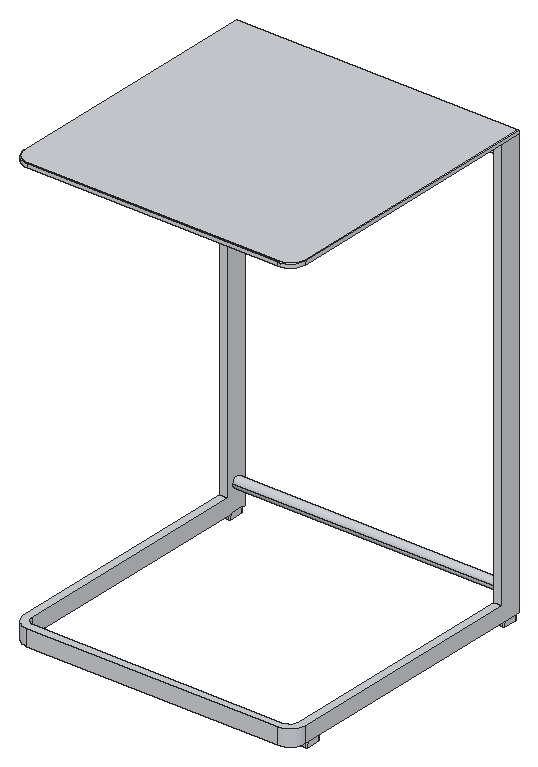
Revit family "Keilhauer_Pact_Mid Table_77410", category Furniture, Revit 2017
Family settings
  OmniClass Number = 23.40.70.14.64.11
  OmniClass Title = Office Furniture
  Work Plane-Based = No
  Always vertical = Yes
  Cut with Voids When Loaded = No
  Shared = No
  Room Calculation Point = No
Parameters (values of type "Mid Table Metal top")
  Type = 1
  Steel Top = Type = 1  # yes
  Laminate Top = Type = 2  # no
  Base [instance] = none
  Glides [instance] = none
  URL = "http://www.keilhauer.com/"
  Product Documentation Link = "http://www.keilhauer.com/"
  Model = "77410"
  Manufacturer = "Keilhauer, Corp."  # constant formula
  Description = "Medium nesting table with metal top"
  Copyright © = "© 2021 Keilhauer, Corp."  # constant formula
  Catalog = "Pact"  # constant formula
  Table Top [instance] = none
  Authoring Version = "Autodesk Revit 2015"  # constant formula
  Assembly Code = "E2020200"
Types (2): name | Type | Steel Top | Laminate Top | Model | Description
  Mid Table Laminate top | 2 | no | yes | "77411" | "Medium nesting table with laminate top"
  Mid Table Metal top | 1 | yes | no | "77410" | "Medium nesting table with metal top"
Reference planes (in)
  plane 1 "Center (Front/Back)": y = 0
  plane 2: z = 0
  plane 3 "Center (Left/Right)": x = 0
  plane 4 "Top": z = 20.813
  plane 5 "Base": z = 0.25
  plane 6: x = 6.56697
  plane 7: x = -6.56697
Forms (in)
  Extrusion 1, solid, material <- "Table Top", visible <- "Steel Top"
    sketch origin (0, 0, 20.813) x (0, 1, 0) y (-1, 0, 0)
      loop
        line (6.53846, 6.75596) -> (-6.21353, 6.75596)
        arc (-6.21353, 6.75596) -> (-6.74386, 6.53629) -> (-6.96353, 6.00596) r 0.75
        line (-6.96353, 6.00596) -> (-6.96353, -6.00596)
        arc (-6.96353, -6.00596) -> (-6.74386, -6.53629) -> (-6.21353, -6.75596) r 0.75
        line (-6.21353, -6.75596) -> (6.53846, -6.75596) -> (6.53846, 6.75596)
    from 0 to 0.1575
  Blend 2, solid, material <- "Table Top", visible <- "Steel Top"
    base sketch origin (0, 0, 20.813) x (0, 1, 0) y (-1, 0, 0)
      loop
        line (6.53846, 6.75596) -> (-6.21353, 6.75596)
        arc (-6.21353, 6.75596) -> (-6.74386, 6.53629) -> (-6.96353, 6.00596) r 0.75
        line (-6.96353, 6.00596) -> (-6.96353, -6.00596)
        arc (-6.96353, -6.00596) -> (-6.74386, -6.53629) -> (-6.21353, -6.75596) r 0.75
        line (-6.21353, -6.75596) -> (6.53846, -6.75596) -> (6.53846, 6.75596)
    top sketch origin (0, 0, 20.813) x (0, 1, 0) y (-1, 0, 0)
      loop
        line (6.50846, 6.72596) -> (-6.21154, 6.72596)
        arc (-6.21154, 6.72596) -> (-6.72066, 6.51508) -> (-6.93154, 6.00596) r 0.72
        line (-6.93154, 6.00596) -> (-6.93154, -6.00596)
        arc (-6.93154, -6.00596) -> (-6.72066, -6.51508) -> (-6.21154, -6.72596) r 0.72
        line (-6.21154, -6.72596) -> (6.50846, -6.72596) -> (6.50846, 6.72596)
    from 0.1575 to 0.1875
  Extrusion 3, solid, material <- "Base"
    sketch origin (6.56697, 5.53647, 47.24409) x (0, -1, 0) y (0, 0, 1)
      loop
        line (-0.6875, -27.18109) -> (-0.3125, -27.18109) -> (-0.3125, -26.43109) -> (-0.6875, -26.43109) -> (-0.6875, -27.18109)
      loop
        circle (-0.5, -45.7439) r 0.25
    from 0 to 13.13394
  Extrusion 4, solid, material <- "Base"
    sketch origin (-10.25149, -60, 0.25) x (-1, 0, 0) y (0, -1, 0)
      loop
        line (-3.49553, -66.53647) -> (-3.49553, -65.53647) -> (-3.86904, -65.53647) -> (-3.86904, -66.53647) -> (-3.49553, -66.53647)
      loop
        line (-16.63096, -66.53647) -> (-16.63096, -65.53647) -> (-17.00745, -65.53647) -> (-17.00745, -66.53647) -> (-16.63096, -66.53647)
    from 0 to 20.563
  Sweep 5, solid, material <- "Base"
    path origin (0, 0, 20.813) x (0, 1, 0) y (-1, 0, 0)
      loop
        line (6.01233, 4.38245) -> (-2.28103, 4.38245)
        arc (-2.28103, 4.38245) -> (-2.81136, 4.16278) -> (-3.03103, 3.63245) r 0.75
        line (-3.03103, 3.63245) -> (-3.03103, -3.63245)
        arc (-3.03103, -3.63245) -> (-2.81136, -4.16278) -> (-2.28103, -4.38245) r 0.75
        line (-2.28103, -4.38245) -> (6.01233, -4.38245)
    profile origin (-4.38245, 1.86565, 20.813) x (1, 0, 0) y (0, 0, 1)
      loop
        line (0.375, -0.75) -> (0.375, 0) -> (0, 0) -> (0, -0.75) -> (0.375, -0.75)
  Sweep 6, solid, material <- "Base"
    path origin (-10.25149, -60.824, 0.25) x (-1, 0, 0) y (0, -1, 0)
      loop
        line (-16.63394, -66.86029) -> (-16.63394, -54.60547)
        arc (-16.63394, -54.60547) -> (-16.52557, -54.34384) -> (-16.26394, -54.23547) r 0.37
        line (-16.26394, -54.23547) -> (-4.23904, -54.23547)
        arc (-4.23904, -54.23547) -> (-3.97741, -54.34384) -> (-3.86904, -54.60547) r 0.37
        line (-3.86904, -54.60547) -> (-3.86904, -66.86029)
    profile origin (-6.38245, -0.09112, 0.25) x (-1, 0, 0) y (0, 0, 1)
      loop
        line (0, 0.75) -> (0, 0) -> (0.375, 0) -> (0.375, 0.75) -> (0, 0.75)
  Extrusion 7, solid, material <- "Glides"
    sketch origin (0, 0, 0) x (1, 0, 0) y (0, 1, 0)
      loop
        arc (-6.69596, 6.41022) -> (-6.73839, 6.39265) -> (-6.75596, 6.35022) r 0.06
        line (-6.75596, 6.35022) -> (-6.75596, 5.72236)
        arc (-6.75596, 5.72236) -> (-6.73839, 5.67994) -> (-6.69596, 5.66236) r 0.06
        line (-6.69596, 5.66236) -> (-6.44245, 5.66236)
        arc (-6.44245, 5.66236) -> (-6.40002, 5.67994) -> (-6.38245, 5.72236) r 0.06
        line (-6.38245, 5.72236) -> (-6.38245, 6.35022)
        arc (-6.38245, 6.35022) -> (-6.40002, 6.39265) -> (-6.44245, 6.41022) r 0.06
        line (-6.44245, 6.41022) -> (-6.69596, 6.41022)
      loop
        line (-6.69596, -6.14191) -> (-6.44245, -6.14191)
        arc (-6.44245, -6.14191) -> (-6.40002, -6.12433) -> (-6.38245, -6.08191) r 0.06
        line (-6.38245, -6.08191) -> (-6.38245, -5.45405)
        arc (-6.38245, -5.45405) -> (-6.40002, -5.41162) -> (-6.44245, -5.39405) r 0.06
        line (-6.44245, -5.39405) -> (-6.69596, -5.39405)
        arc (-6.69596, -5.39405) -> (-6.73839, -5.41162) -> (-6.75596, -5.45405) r 0.06
        line (-6.75596, -5.45405) -> (-6.75596, -6.08191)
        arc (-6.75596, -6.08191) -> (-6.73839, -6.12433) -> (-6.69596, -6.14191) r 0.06
      loop
        line (6.69596, 6.41022) -> (6.44245, 6.41022)
        arc (6.44245, 6.41022) -> (6.40002, 6.39265) -> (6.38245, 6.35022) r 0.06
        line (6.38245, 6.35022) -> (6.38245, 5.72236)
        arc (6.38245, 5.72236) -> (6.40002, 5.67994) -> (6.44245, 5.66236) r 0.06
        line (6.44245, 5.66236) -> (6.69596, 5.66236)
        arc (6.69596, 5.66236) -> (6.73839, 5.67994) -> (6.75596, 5.72236) r 0.06
        line (6.75596, 5.72236) -> (6.75596, 6.35022)
        arc (6.75596, 6.35022) -> (6.73839, 6.39265) -> (6.69596, 6.41022) r 0.06
      loop
        arc (6.69596, -6.14191) -> (6.73839, -6.12433) -> (6.75596, -6.08191) r 0.06
        line (6.75596, -6.08191) -> (6.75596, -5.45405)
        arc (6.75596, -5.45405) -> (6.73839, -5.41162) -> (6.69596, -5.39405) r 0.06
        line (6.69596, -5.39405) -> (6.44245, -5.39405)
        arc (6.44245, -5.39405) -> (6.40002, -5.41162) -> (6.38245, -5.45405) r 0.06
        line (6.38245, -5.45405) -> (6.38245, -6.08191)
        arc (6.38245, -6.08191) -> (6.40002, -6.12433) -> (6.44245, -6.14191) r 0.06
        line (6.44245, -6.14191) -> (6.69596, -6.14191)
    from 0 to 0.25
  Extrusion 8, solid, material <- "Table Top", visible <- "Laminate Top"
    sketch origin (0, 0, 20.813) x (0, 1, 0) y (-1, 0, 0)
      loop
        line (6.53846, 6.75596) -> (-6.21353, 6.75596)
        arc (-6.21353, 6.75596) -> (-6.74386, 6.53629) -> (-6.96353, 6.00596) r 0.75
        line (-6.96353, 6.00596) -> (-6.96353, -6.00596)
        arc (-6.96353, -6.00596) -> (-6.74386, -6.53629) -> (-6.21353, -6.75596) r 0.75
        line (-6.21353, -6.75596) -> (6.53846, -6.75596) -> (6.53846, 6.75596)
    from 0 to 0.5
Cuts and joins
  joined: Extrusion 1, Blend 2
  joined: Extrusion 3, Extrusion 4, Sweep 5, Sweep 6
Lines and regions (in)
  Masking region 1
    outline origin (0, 0, 0) x (1, 0, 0) y (0, 1, 0)
      loop
        line (-6.75596, 6.53846) -> (-6.75596, -6.21353)
        arc (-6.75596, -6.21353) -> (-6.53629, -6.74386) -> (-6.00596, -6.96353) r 0.75
        line (-6.00596, -6.96353) -> (6.00596, -6.96353)
        arc (6.00596, -6.96353) -> (6.53629, -6.74386) -> (6.75596, -6.21353) r 0.75
        line (6.75596, -6.21353) -> (6.75596, 6.53846) -> (-6.75596, 6.53846)
Dimensions and locks (in)
  equal spacing: plane 7, plane 3 "Center (Left/Right)", plane 6
  radius of Masking region 1 sketch curve = 0.750"  (x2)
  radius of Extrusion 8 sketch curve = 0.750"  (x2)
  aligned and locked: nested 1 to plane 3 "Center (Left/Right)"
  aligned and locked: plane 1 "Center (Front/Back)" to nested 1
  aligned and locked: Extrusion 1 to plane 4 "Top"
  aligned and locked: Extrusion 3 to plane 7
  aligned and locked: Extrusion 3 to plane 6
  aligned and locked: plane 4 "Top" to Extrusion 4
  aligned and locked: Extrusion 4 to plane 5 "Base"
  aligned and locked: plane 4 "Top" to Sweep 5 sketch curve
  aligned and locked: profile plane to Sweep 5 sketch curve
  aligned and locked: plane 5 "Base" to Sweep 6 sketch curve
  aligned and locked: plane 2 to Extrusion 7
  aligned and locked: plane 5 "Base" to Extrusion 7
  aligned and locked: Masking region 1 sketch curve to cut or joined group of Extrusion 1, Blend 2  (x3)
  aligned and locked: Extrusion 8 sketch curve to cut or joined group of Extrusion 1, Blend 2  (x3)
Automatic sketch dimensions
  Extrusion 3 sketch curve to plane 4 "Top" = 0.000"
  Extrusion 3 sketch curve to plane 1 "Center (Front/Back)" = 6.22397"
  plane 5 "Base" to Extrusion 3 sketch curve = 1.25019"
  Extrusion 3 sketch curve to plane 1 "Center (Front/Back)" = 6.03647"
  Extrusion 3 sketch curve to Extrusion 3 sketch curve = 0.375"
  Extrusion 3 sketch curve to Extrusion 3 sketch curve = 0.750"
  Extrusion 4 sketch curve to plane 6 = 0.18899"
  plane 6 to Extrusion 4 sketch curve = 0.1875"
  plane 7 to Extrusion 4 sketch curve = 0.18452"
  Extrusion 4 sketch curve to plane 7 = 0.18899"
  Extrusion 4 sketch curve to plane 1 "Center (Front/Back)" = 6.53647"  (x2)
  Extrusion 4 sketch curve to Extrusion 4 sketch curve = 1.000"  (x2)
  plane 1 "Center (Front/Back)" to Sweep 5 sketch curve = 3.03103"
  Sweep 5 sketch curve to Sweep 5 sketch curve = 0.750"  (x3)
  plane 6 to Sweep 5 sketch curve = 2.18452"
  plane 7 to Sweep 5 sketch curve = 2.93452"
  Sweep 5 sketch curve to plane 1 "Center (Front/Back)" = 6.01233"  (x2)
  Sweep 5 sketch curve to profile plane = 0.375"
  Sweep 6 sketch curve to profile plane = 0.000"
  Sweep 6 sketch curve to Sweep 6 sketch curve = 0.375"
  plane 5 "Base" to Sweep 6 sketch curve = 0.750"
  Extrusion 7 sketch curve to plane 7 = 0.18899"  (x2)
  Extrusion 7 sketch curve to Extrusion 7 sketch curve = 0.060"  (x12)
  plane 7 to Extrusion 7 sketch curve = 0.12452"  (x4)
  plane 6 to Extrusion 7 sketch curve = 0.18452"  (x2)
  Extrusion 7 sketch curve to plane 6 = 0.12899"  (x4)
  plane 1 "Center (Front/Back)" to Extrusion 7 sketch curve = 6.14191"  (x2)
  Extrusion 7 sketch curve to Extrusion 7 sketch curve = 0.62786"  (x4)
  Extrusion 7 sketch curve to plane 1 "Center (Front/Back)" = 5.66236"  (x2)
  plane 6 to Sweep 6 sketch curve = 0.18452"
  Sweep 6 sketch curve to Sweep 6 sketch curve = 0.370"
  plane 7 to Sweep 6 sketch curve = 0.55452"
  plane 7 to Sweep 6 sketch curve = 0.18452"
  plane 1 "Center (Front/Back)" to Sweep 6 sketch curve = 6.21853"
  Sweep 6 sketch curve to plane 1 "Center (Front/Back)" = 6.03629"  (x2)
  plane 1 "Center (Front/Back)" to Masking region 1 sketch curve = 6.21353"
  plane 1 "Center (Front/Back)" to Extrusion 8 sketch curve = 6.21353"
  plane 7 to Blend 2 sketch curve = 0.56101"
  plane 1 "Center (Front/Back)" to Blend 2 sketch curve = 6.96353"
  plane 6 to Blend 2 sketch curve = 0.56101"  (x2)
  Blend 2 sketch curve to Blend 2 sketch curve = 0.750"
  Blend 2 sketch curve to plane 7 = 0.18899"
  Blend 2 sketch curve to plane 1 "Center (Front/Back)" = 6.53846"
  plane 1 "Center (Front/Back)" to Blend 2 sketch curve = 6.93154"
  Blend 2 sketch curve to plane 6 = 0.15899"
  Blend 2 sketch curve to Blend 2 sketch curve = 0.720"
  Blend 2 sketch curve to plane 7 = 0.15899"
  Blend 2 sketch curve to plane 1 "Center (Front/Back)" = 6.50846"
  plane 7 to Extrusion 1 sketch curve = 0.56101"
  plane 1 "Center (Front/Back)" to Extrusion 1 sketch curve = 6.96353"
  Extrusion 1 sketch curve to plane 6 = 0.18899"
  Extrusion 1 sketch curve to Extrusion 1 sketch curve = 0.750"  (x2)
  Extrusion 1 sketch curve to plane 1 "Center (Front/Back)" = 6.53846"
  radius of Extrusion 3 sketch curve = 0.250"
Nested families (in)
  nested 1: "Furniture_Tag" at (0, 0, 0), type "Center", detail levels fine
    with Offset (LR) 0.000"
Definition of nested family "Furniture_Tag"
  Parameters
    P_Width = 0.000"
    Text_Width = "Empty"
    Text_Height = "Empty"
    Text_Diameter = "Empty"
    Text_Depth = "Empty"
    Offset (LR) [instance] = 0.000"
    Model Name = "Type Catalog"
    P_Height = 0.000"
    Distance of Center (not Change) = 0.000"
    P_Diameter = 0.000"
    P_Depth = 0.000"
  Reference planes (in)
    plane 1: y = 0
    plane 2: x = 0
  Lines and regions (in)
    reference lines
      curve 1: line (-0.44359, 0, 0) -> (0.41085, 0, 0)
      curve 3: line (0, 0.32564, 0) -> (0, -0.40221, 0)
    reference lines, not visible
      curve 2: line (-0.44359, 0.09843, 0) -> (0.41085, 0.09843, 0)
      curve 4: line (0, 0.42407, 0) -> (0, -0.30379, 0)
  Text (in)
    label "Empty" at (0.00197, -0.0079, 0), shows "Model Name"
    label "Empty" at (0.00197, 0.09052, 0), shows "Model Name", not visible
  Dimensions and locks (in)
    "Distance of Center (not Change)": plane 1 to curve 1
    "Offset (LR)": curve 3 to plane 2
  Automatic sketch dimensions
    curve 1 to curve 3 = 0.44359"
    curve 3 to curve 1 = 0.41085"
    curve 3 to curve 1 = 0.40221"
    curve 1 to curve 3 = 0.32564"
    curve 2 to curve 4 = 0.44359"
    curve 4 to curve 2 = 0.41085"
    curve 4 to curve 2 = 0.40221"
    curve 2 to curve 4 = 0.32564"
